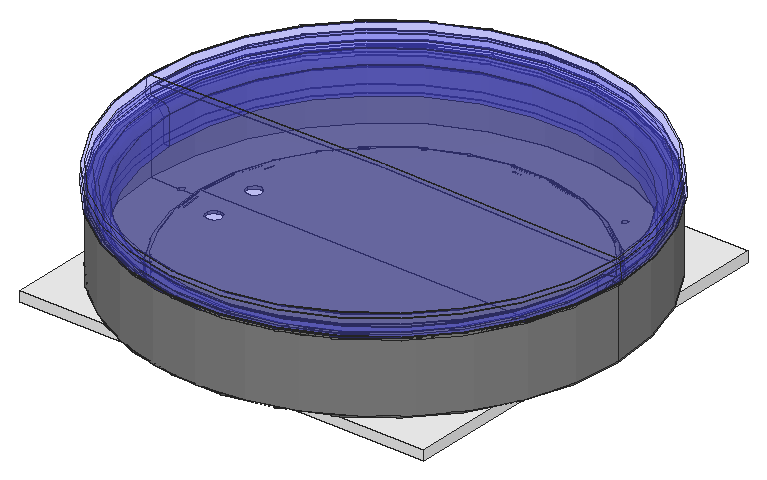
Revit family "BE_33640_de_DE", category Leuchten, Revit 2020
Family settings
  Basisbauteil = Fläche
  Bemaßung runder Anschluss = Durchmesser verwenden
  Teiletyp = Normal
  Beim Laden mit Abzugskörper schneiden = Ja
  Lichtquelle = Ja
  Gemeinsam genutzt = Nein
  Raumberechnungspunkt = Ja
Parameters (values of type "BEGA_33640_Grafit_K4")
  built-in parameter 1150104 = 11.112 (stored number, unit not read)
  Wattage = 52 W
  Default Elevation = 0 mm
  built-in parameter 1150113 = 1 (stored number, unit not read)
  built-in parameter 1114218 = 1 (stored number, unit not read)
  Umgebungstemperatur = "25 °C"
  URL = "https://www.bega.com/de/produkt/33640"
  Typenkommentare = "© 2022 BEGA. Wir behalten uns das Recht vor, technische Änderungen ohne vorherige Ankündigung vorzunehmen."  # constant formula
  Type Image = 33640.png
  built-in parameter 1150134 = 12
  built-in parameter 1150109 = 1 (stored number, unit not read)
  Strom = ""
  built-in parameter 1150110 = 1 (stored number, unit not read)
  Spannung = 239.996 V
  Sonderanfertigung = no
  Sockeltyp = ""
  Seriennummer [instance] = "Hier können Sie die eindeutige Seriennummer für das Facility Management eintragen."
  Schutzklasse = "I"
  Schutzart = "IP 64"
  Scheinlast = 0 VA
  Produktdatenblatt = "https://cdn.bega.com/bega/products/33640AK4/current/documents/data-sheets/de"
  Oberflächentemperatur = ""
  Neigungswinkel = 0.00°
  Modell = "33640K4"
  Material_11 = BEGA_Glas_opal
  Material_02 = BEGA_Oberfläche_Silber_matt
  Material_01 [instance] = BEGA_Oberfläche_Grafit_matt
  M_W = no
  M_G = yes
  M_A = no
  Logo = 0
  built-in parameter 1114217 = 1 (stored number, unit not read)
  built-in parameter 1150139 = (empty or 0)
  built-in parameter 1150105 = 494.95 (stored number, unit not read)
  built-in parameter 1150114 = 1 (stored number, unit not read)
  Lumens = 6219.72 lm
  built-in parameter 1150115 = 1 (stored number, unit not read)
  Leuchtenlichtstrom = "3692 lm"
  Leuchtenanzahl = ""
  Lebensdauerkriterien = "L70B50 @ 25 °C = 200000 h"
  Lastklassifizierung = Beleuchtung
  built-in parameter 1150112 = 1 (stored number, unit not read)
  Lampenlichtstrom = "7480 lm"
  Lampe = "LED 42.6 W"
  LED_Modulbezeichnung = " LED-0630/840"
  built-in parameter 1150142 = (empty or 0)
  Hersteller = "BEGA"  # constant formula
  Halbstreuwinkel = ""
  Gewicht = "6.4 kg"
  Gebrauchslageneinschränkung [instance] = ""
  Frequenz = "0/50-60 Hz"
  Farbwiedergabeindex = "CRI > 80"
  Farbtemperaturverschiebung bei Dämpfen der Lampe = <Keine Auswahl>
  Farbtemperatur = "4000 K"
  Color Filter = 16777215
  built-in parameter 1150133 = 10 (stored number, unit not read)
  Energieeffizienzklasse = "LED A++ - A"
  built-in parameter 1150137 = (empty or 0)
  built-in parameter 1150132 = (empty or 0)
  ENEC = "ja"
  Dimmbar [instance] = "DALI"
  Datei für fotometrisches Netz = "BE_33640K4.IES"
  CE_Konformität = "ja"
  Bestellnummer = "33640K4"
  Beschreibung_Sonderanfertigung = "Hier können Sie Informationen zur Sonderanfertigung eintragen."
  Beschreibung = "Decken- und Wandleuchte"
  built-in parameter 1150106 = 4.9495 (stored number, unit not read)
  Befestigungsbohrung = "Ø 5,5 mm"
  Befestigungsabstand = ""
  BEGA_Intern_aus = yes
  BEGA_Intern_an = yes
  BEGA_Intern_Konstruktion = yes
  BEGA_Intern = yes
  BEGA_IES = yes
  BEGA_Dummy = no
  Anschlussleistung [instance] = "46.9 W"
  built-in parameter 1150107 = 4000 (stored number, unit not read)
  built-in parameter 1150102 = (empty or 0)
  built-in parameter 1150138 = (empty or 0)
  Aktualisierung = "2022-05-18T04:00:07"
  AC/DC = "AC/DC"
Types (4, lengths in mm): name | built-in parameter 1150104 | built-in parameter 1150134 | Modell | M_G | M_A | built-in parameter 1150105 | Lumens | Leuchtenlichtstrom | Lampenlichtstrom | LED_Modulbezeichnung | Farbtemperatur | Datei für fotometrisches Netz | Bestellnummer | built-in parameter 1150106 | built-in parameter 1150107
  BEGA_33640_Grafit_K4 | 11.112 (stored number, unit not read) | 12 | "33640K4" | yes | no | 494.95 (stored number, unit not read) | 6219.72 lm | "3692 lm" | "7480 lm" | " LED-0630/840" | "4000 K" | "BE_33640K4.IES" | "33640K4" | 4.9495 (stored number, unit not read) | 4000 (stored number, unit not read)
  BEGA_33640_Silber_K4 | 11.112 (stored number, unit not read) | 12 | "33640AK4" | no | yes | 494.95 (stored number, unit not read) | 6219.72 lm | "3692 lm" | "7480 lm" | " LED-0630/840" | "4000 K" | "BE_33640K4.IES" | "33640AK4" | 4.9495 (stored number, unit not read) | 4000 (stored number, unit not read)
  BEGA_33640_Silber_K3 | 10.487 (stored number, unit not read) | (empty or 0) | "33640AK3" | no | yes | 467.1 (stored number, unit not read) | 5869.76 lm | "3640 lm" | "7375 lm" | " LED-0630/830" | "3000 K" | "BE_33640K3.IES" | "33640AK3" | 4.671 (stored number, unit not read) | 3000 (stored number, unit not read)
  BEGA_33640_Grafit_K3 | 10.487 (stored number, unit not read) | (empty or 0) | "33640K3" | yes | no | 467.1 (stored number, unit not read) | 5869.76 lm | "3640 lm" | "7375 lm" | " LED-0630/830" | "3000 K" | "BE_33640K3.IES" | "33640K3" | 4.671 (stored number, unit not read) | 3000 (stored number, unit not read)
Reference planes
  plane 1 "Mitte (Vorne/Hinten)": y = 0
  plane 2: z = 0
  plane 3 "Mitte (Links/Rechts)": x = 0
  plane 4 "Links": x = -234.934
  plane 5 "Rechts": x = 234.934
  plane 6 "Unten": y = -234.912
  plane 7 "Oben": y = 234.912
  plane 8 "Vorne": z = 95.199
Forms (mm)
  Extrusion 1, solid, material "BEGA_Platte_Weiss"
    sketch origin (0, -1119.2, 0) x (1, 0, 0) y (0, 1, 0)
      loop
        line (-200, 1319.2) -> (-200, 919.2) -> (200, 919.2) -> (200, 1319.2) -> (-200, 1319.2)
    from 0 to -10
  Extrusion 2, solid, material "BEGA_Dummy_matt", visible <- "BEGA_Dummy"
    sketch origin (77.149, -76.023, 0) x (1, 0, 0) y (0, 1, 0)
      loop
        circle (-77.149, 76.023) r 234.945
    from 0 to 95.199
Dimensions and locks
  plane 1 "Mitte (Vorne/Hinten)" to Extrusion 1 = 200 mm
  aligned and locked: plane 2 to Extrusion 1
  aligned and locked: level to Extrusion 1
Nested families
  nested 1: "BE_33640" at (0, 0, 0), type "BE_33640"
Connectors
  electrical at (0, 0, 0), driven by "Lastklassifizierung", driven by "Spannung", driven by "Scheinlast"
    settings: index 1, voltage 239.996 V, apparent load 0 VA, apparent load phase1 0 VA, apparent load phase2 0 VA, apparent load phase3 0 VA, power factor 1, load classification "Beleuchtung", number of poles 1, system type 31, power factor state 1, is connector primary yes, connector utility no, sub classification motor no, connector description ""
Definition of nested family "BE_33640"
  Parameters (values of type "BE_33640")
    Default Elevation = 1 mm
    URL = "http://www.bega.de/de/produkt"
    Type Comments = "© 2015 BEGA. Wir behalten uns das Recht vor, technische Änderungen ohne vorherige Ankündigung vorzunehmen. "  # constant formula
    Type Image = (empty or 0)
    Material_17 = none
    Material_15 = none
    Material_11 = none
    Material_09 = none
    Material_06 = none
    Material_02 = none
    Material_01 = none
    M_W = yes
    M_G = yes
    M_A = yes
    Länge_Platte = 200 mm  # constant formula
    Höhe_Platte = -10 mm  # constant formula
    Manufacturer = "BEGA"  # constant formula
    Breite_Platte = 200 mm  # constant formula
  Reference planes
    plane 1 "Mitte (Oben/Unten)": y = 0
    plane 2: z = 0
    plane 3 "Mitte (Links/Rechts)": x = 0
    plane 4 "Vorne": z = 95.199
    plane 5: x = 234.934
    plane 6: x = -234.934
    plane 7: y = 234.912
    plane 8: y = -234.912
  Forms (mm)
    Extrusion 1, solid, detail levels medium
      sketch origin (0, 0, 0) x (1, 0, 0) y (0, 1, 0)
        loop
          line (-100, 100) -> (-100, -100) -> (100, -100) -> (100, 100) -> (-100, 100)
      from 0 to -10 <- "Höhe_Platte"
    Revolve 2, solid, material <- "Material_01", visible <- "M_G", detail levels medium+fine
      sketch origin (0, 0, 0) x (1, 0, 0) y (0, 0, 1)
        loop
          line (-230.799, -0.001) -> (-186.009, -0.001)
          arc (-186.009, -0.001) -> (-184.831, 0.383) -> (-184.104, 1.388) r 2.001
          line (-184.104, 1.388) -> (-182.789, 5.317)
          arc (-182.789, 5.317) -> (-182.425, 5.811) -> (-181.842, 6) r 1
          line (-181.842, 6) -> (0, 6) -> (0, 8) -> (-181.128, 8)
          arc (-181.128, 8) -> (-183.457, 7.247) -> (-184.911, 5.278) r 4
          line (-184.911, 5.278) -> (-185.793, 2.642)
          arc (-185.793, 2.642) -> (-186.16, 2.176) -> (-186.726, 2) r 1
          line (-186.726, 2) -> (-230.8, 2) -> (-230.8, 69.012) -> (-226.195, 64.407) -> (-225.347, 65.256) -> (-229.698, 69.607)
          arc (-229.698, 69.607) -> (-230.135, 69.898) -> (-230.65, 70) r 1.35
          arc (-230.65, 70) -> (-231.616, 69.593) -> (-232, 68.618) r 1.35
          line (-232, 68.618) -> (-232, 1.203)
          arc (-232, 1.203) -> (-231.649, 0.352) -> (-230.799, -0.001) r 1.201
        axis (0, -0.001) -> (0, 70)
      angle from 0 to 360
    Revolve 3, solid, material <- "Material_11", detail levels medium+fine
      sketch origin (0, 0, 0) x (1, 0, 0) y (0, 0, 1)
        loop
          arc (-234.934, 72.895) -> (-234.431, 71.5) -> (-233.107, 70.834) r 2
          line (-233.107, 70.834) -> (-225.76, 70.192)
          arc (-225.76, 70.192) -> (-224.564, 69.798) -> (-223.669, 68.912) r 2.75
          line (-223.669, 68.912) -> (-217.5, 59.063) -> (-217.5, 43.371) -> (-217.5, 36) -> (-211.5, 36) -> (-211.5, 63.916)
          arc (-211.5, 63.916) -> (-214.093, 70.583) -> (-220.509, 73.748) r 9.869
          line (-220.509, 73.748) -> (-230.87, 74.654) -> (-230.635, 81.391)
          arc (-230.635, 81.391) -> (-228.874, 85.441) -> (-224.819, 87.19) r 6
          arc (-224.819, 87.19) -> (-112.416, 89.882) -> (0.011, 91.192) r 9144.857
          line (0.011, 91.192) -> (0.011, 95.19)
          arc (0.011, 95.19) -> (-115.73, 94.363) -> (-231.452, 92.072) r 9148.856
          arc (-231.452, 92.072) -> (-233.485, 91.203) -> (-234.369, 89.177) r 2.997
          line (-234.369, 89.177) -> (-234.934, 72.895)
        axis (0.011, 95.19) -> (0.011, 36)
      angle from 0 to 360
    Extrusion 4, void
      sketch origin (0, 0, 0) x (1, 0, 0) y (0, 1, 0)
        loop
          circle (-200, 0) r 2.75
        loop
          circle (100, 173.205) r 2.75
        loop
          circle (100, -173.205) r 2.75
        loop
          circle (-148, 25) r 7.5
        loop
          circle (-148, -25) r 7.5
      from 0 to 18.834
    Revolve 5, solid, material <- "Material_02", visible <- "M_A", detail levels medium+fine
      sketch origin (0, 0, 0) x (1, 0, 0) y (0, 0, 1)
        loop
          line (-230.799, -0.001) -> (-186.009, -0.001)
          arc (-186.009, -0.001) -> (-184.831, 0.383) -> (-184.104, 1.388) r 2.001
          line (-184.104, 1.388) -> (-182.789, 5.317)
          arc (-182.789, 5.317) -> (-182.425, 5.811) -> (-181.842, 6) r 1
          line (-181.842, 6) -> (0, 6) -> (0, 8) -> (-181.128, 8)
          arc (-181.128, 8) -> (-183.457, 7.247) -> (-184.911, 5.278) r 4
          line (-184.911, 5.278) -> (-185.793, 2.642)
          arc (-185.793, 2.642) -> (-186.16, 2.176) -> (-186.726, 2) r 1
          line (-186.726, 2) -> (-230.8, 2) -> (-230.8, 69.012) -> (-226.195, 64.407) -> (-225.347, 65.256) -> (-229.698, 69.607)
          arc (-229.698, 69.607) -> (-230.135, 69.898) -> (-230.65, 70) r 1.35
          arc (-230.65, 70) -> (-231.616, 69.593) -> (-232, 68.618) r 1.35
          line (-232, 68.618) -> (-232, 1.203)
          arc (-232, 1.203) -> (-231.649, 0.352) -> (-230.799, -0.001) r 1.201
        axis (0, -0.001) -> (0, 70)
      angle from 0 to 360
    Extrusion 6, void
      sketch origin (0, 0, 0) x (1, 0, 0) y (0, 1, 0)
        loop
          circle (-200, 0) r 2.75
        loop
          circle (100, 173.205) r 2.75
        loop
          circle (100, -173.205) r 2.75
        loop
          circle (-148, 25) r 7.5
        loop
          circle (-148, -25) r 7.5
      from 0 to 18.834
  Cuts and joins
    Extrusion 4, Extrusion 6 cuts Revolve 2
    Extrusion 4 cuts Revolve 3
    Extrusion 6 cuts Revolve 5
  Dimensions and locks
    equal spacing: Extrusion 1 sketch curve, plane 3 "Mitte (Links/Rechts)", Extrusion 1 sketch curve
    equal spacing: Extrusion 1 sketch curve, plane 1 "Mitte (Oben/Unten)", Extrusion 1 sketch curve
    "Länge_Platte": Extrusion 1 sketch curve to Extrusion 1 sketch curve
    "Breite_Platte": Extrusion 1 sketch curve to Extrusion 1 sketch curve
    aligned and locked: plane 2 to Extrusion 1
    aligned and locked: level to Extrusion 1
  Automatic sketch dimensions
    Revolve 2 sketch curve to Revolve 2 sketch curve = 0 mm  (x7)
    Revolve 2 sketch curve to plane 3 "Mitte (Links/Rechts)" = 0 mm  (x2)
    level to Revolve 2 sketch curve = 4 mm
    Revolve 2 sketch curve to Revolve 2 sketch curve = 0.008 mm
    Revolve 2 sketch curve to Revolve 2 sketch curve = 0.72 mm
    Revolve 2 sketch curve to Revolve 2 sketch curve = 0.002 mm
    level to Revolve 2 sketch curve = 1.388 mm
    Revolve 2 sketch curve to Revolve 2 sketch curve = 2.984 mm
    level to Revolve 2 sketch curve = 5.278 mm
    Revolve 2 sketch curve to Revolve 2 sketch curve = 3.07 mm
    level to Revolve 2 sketch curve = 2.642 mm
    Revolve 2 sketch curve to Revolve 2 sketch curve = 1.688 mm
    Revolve 2 sketch curve to level = 0.001 mm
    Revolve 2 sketch curve to Revolve 2 sketch curve = 1.905 mm
    Revolve 2 sketch curve to Revolve 2 sketch curve = 0.717 mm
    Revolve 2 sketch curve to Revolve 2 sketch curve = 0.849 mm  (x2)
    Revolve 2 sketch curve to Revolve 2 sketch curve = 4.351 mm
    Revolve 2 sketch curve to Revolve 2 sketch curve = 0.952 mm
    Revolve 2 sketch curve to Revolve 2 sketch curve = 0.15 mm  (x2)
    Revolve 2 sketch curve to Revolve 2 sketch curve = 1.201 mm
    level to Revolve 2 sketch curve = 1.2 mm
    Revolve 2 sketch curve to Revolve 2 sketch curve = 1 mm
    Revolve 2 sketch curve to Revolve 2 sketch curve = 2 mm
    Revolve 2 sketch curve to Revolve 2 sketch curve = 62.407 mm
    Revolve 2 sketch curve to Revolve 2 sketch curve = 4.21 mm
    Revolve 2 sketch curve to Revolve 2 sketch curve = 0.032 mm
    Revolve 2 sketch curve to Revolve 2 sketch curve = 0.362 mm
    Revolve 2 sketch curve to Revolve 2 sketch curve = 0.595 mm
    Revolve 2 sketch curve to Revolve 2 sketch curve = 0.948 mm
    level to Revolve 2 sketch curve = 5.317 mm
    Revolve 2 sketch curve to Revolve 2 sketch curve = 13 mm
    Revolve 3 sketch curve to Revolve 3 sketch curve = 0.564 mm
    Revolve 3 sketch curve to Revolve 3 sketch curve = 1.827 mm  (x2)
    Revolve 3 sketch curve to Revolve 3 sketch curve = 0.172 mm
    Revolve 3 sketch curve to Revolve 3 sketch curve = 2.995 mm
    Revolve 3 sketch curve to Revolve 3 sketch curve = 2.065 mm
    Revolve 3 sketch curve to Revolve 3 sketch curve = 0.235 mm
    Revolve 3 sketch curve to Revolve 3 sketch curve = 7.107 mm
    Revolve 3 sketch curve to Revolve 3 sketch curve = 5.997 mm
    Revolve 3 sketch curve to Revolve 3 sketch curve = 2.331 mm
    Revolve 3 sketch curve to Revolve 3 sketch curve = 2.3 mm
    Revolve 3 sketch curve to Revolve 3 sketch curve = 6 mm
    plane 3 "Mitte (Links/Rechts)" to Revolve 3 sketch curve = 0.011 mm
    plane 3 "Mitte (Links/Rechts)" to Revolve 3 sketch curve = 7.481 mm
    Revolve 3 sketch curve to Revolve 3 sketch curve = 42.864 mm
    Revolve 3 sketch curve to Revolve 3 sketch curve = 0.137 mm
    level to Revolve 3 sketch curve = 36 mm
    Revolve 3 sketch curve to Revolve 3 sketch curve = 7.371 mm
    Revolve 3 sketch curve to Revolve 3 sketch curve = 15.691 mm
    Revolve 3 sketch curve to Revolve 3 sketch curve = 4.853 mm  (x2)
    Revolve 3 sketch curve to Revolve 3 sketch curve = 3.537 mm
    Revolve 3 sketch curve to Revolve 3 sketch curve = 1.46 mm
    Revolve 3 sketch curve to Revolve 3 sketch curve = 3.382 mm
    Revolve 3 sketch curve to Revolve 3 sketch curve = 1.993 mm
    Revolve 3 sketch curve to Revolve 3 sketch curve = 6.538 mm
    Revolve 3 sketch curve to Revolve 3 sketch curve = 0.199 mm
    Revolve 3 sketch curve to Revolve 3 sketch curve = 7.685 mm
    Revolve 3 sketch curve to Revolve 3 sketch curve = 0.101 mm
    level to Revolve 3 sketch curve = 91.192 mm
    Revolve 3 sketch curve to Revolve 3 sketch curve = 3.998 mm
    Revolve 3 sketch curve to Revolve 3 sketch curve = 2.091 mm
    Revolve 3 sketch curve to Revolve 3 sketch curve = 0 mm  (x8)
    Revolve 3 sketch curve to Revolve 3 sketch curve = 0.181 mm
    Revolve 3 sketch curve to Revolve 3 sketch curve = 0.001 mm
    Revolve 3 sketch curve to Revolve 3 sketch curve = 3.16 mm
    Revolve 3 sketch curve to Revolve 3 sketch curve = 8.515 mm
    Extrusion 4 sketch curve to plane 1 "Mitte (Oben/Unten)" = 25 mm
    plane 1 "Mitte (Oben/Unten)" to Extrusion 4 sketch curve = 25 mm
    Extrusion 4 sketch curve to Extrusion 4 sketch curve = 0 mm
    Extrusion 4 sketch curve to plane 1 "Mitte (Oben/Unten)" = 0 mm
    Revolve 5 sketch curve to Revolve 5 sketch curve = 0 mm  (x7)
    Revolve 5 sketch curve to plane 3 "Mitte (Links/Rechts)" = 0 mm  (x2)
    level to Revolve 5 sketch curve = 4 mm
    Revolve 5 sketch curve to Revolve 5 sketch curve = 0.008 mm
    Revolve 5 sketch curve to Revolve 5 sketch curve = 0.72 mm
    Revolve 5 sketch curve to Revolve 5 sketch curve = 0.002 mm
    level to Revolve 5 sketch curve = 1.388 mm
    Revolve 5 sketch curve to Revolve 5 sketch curve = 2.984 mm
    level to Revolve 5 sketch curve = 5.278 mm
    Revolve 5 sketch curve to Revolve 5 sketch curve = 3.07 mm
    level to Revolve 5 sketch curve = 2.642 mm
    Revolve 5 sketch curve to Revolve 5 sketch curve = 1.688 mm
    Revolve 5 sketch curve to level = 0.001 mm
    Revolve 5 sketch curve to Revolve 5 sketch curve = 1.905 mm
    Revolve 5 sketch curve to Revolve 5 sketch curve = 0.717 mm
    Revolve 5 sketch curve to Revolve 5 sketch curve = 0.849 mm  (x2)
    Revolve 5 sketch curve to Revolve 5 sketch curve = 4.351 mm
    Revolve 5 sketch curve to Revolve 5 sketch curve = 0.952 mm
    Revolve 5 sketch curve to Revolve 5 sketch curve = 0.15 mm  (x2)
    Revolve 5 sketch curve to Revolve 5 sketch curve = 1.201 mm
    level to Revolve 5 sketch curve = 1.2 mm
    Revolve 5 sketch curve to Revolve 5 sketch curve = 1 mm
    Revolve 5 sketch curve to Revolve 5 sketch curve = 2 mm
    Revolve 5 sketch curve to Revolve 5 sketch curve = 62.407 mm
    Revolve 5 sketch curve to Revolve 5 sketch curve = 4.21 mm
    Revolve 5 sketch curve to Revolve 5 sketch curve = 0.032 mm
    Revolve 5 sketch curve to Revolve 5 sketch curve = 0.362 mm
    Revolve 5 sketch curve to Revolve 5 sketch curve = 0.595 mm
    Revolve 5 sketch curve to Revolve 5 sketch curve = 0.948 mm
    level to Revolve 5 sketch curve = 5.317 mm
    Revolve 5 sketch curve to Revolve 5 sketch curve = 13 mm
    Extrusion 6 sketch curve to plane 1 "Mitte (Oben/Unten)" = 25 mm
    plane 1 "Mitte (Oben/Unten)" to Extrusion 6 sketch curve = 25 mm
    Extrusion 6 sketch curve to Extrusion 6 sketch curve = 0 mm
    Extrusion 6 sketch curve to plane 1 "Mitte (Oben/Unten)" = 0 mm
    Revolve 3 sketch curve to level = 9053.527 mm
    plane 3 "Mitte (Links/Rechts)" to Extrusion 4 sketch curve = 100 mm  (x2)
    plane 3 "Mitte (Links/Rechts)" to Extrusion 6 sketch curve = 100 mm  (x2)
    Revolve 2 sketch curve to plane 3 "Mitte (Links/Rechts)" = 181.12 mm
    Revolve 2 sketch curve to Revolve 2 sketch curve = 40.436 mm
    Revolve 2 sketch curve to Revolve 2 sketch curve = 0.001 mm
    Revolve 3 sketch curve to plane 3 "Mitte (Links/Rechts)" = 211.5 mm
    Revolve 3 sketch curve to Revolve 3 sketch curve = 3.869 mm
    Extrusion 4 sketch curve to plane 3 "Mitte (Links/Rechts)" = 148 mm
    Extrusion 4 sketch curve to Extrusion 4 sketch curve = 52 mm
    Revolve 5 sketch curve to plane 3 "Mitte (Links/Rechts)" = 181.12 mm
    Revolve 5 sketch curve to Revolve 5 sketch curve = 40.436 mm
    Revolve 5 sketch curve to Revolve 5 sketch curve = 0.001 mm
    Extrusion 6 sketch curve to plane 3 "Mitte (Links/Rechts)" = 148 mm
    Extrusion 6 sketch curve to Extrusion 6 sketch curve = 52 mm
    plane 1 "Mitte (Oben/Unten)" to Extrusion 4 sketch curve = 173.205 mm
    plane 1 "Mitte (Oben/Unten)" to Extrusion 6 sketch curve = 173.205 mm
    Extrusion 4 sketch curve to plane 1 "Mitte (Oben/Unten)" = 173.205 mm
    Extrusion 6 sketch curve to plane 1 "Mitte (Oben/Unten)" = 173.205 mm
    radius of Extrusion 4 sketch curve = 2.75 mm  (x3)
    radius of Extrusion 4 sketch curve = 7.5 mm  (x2)
    radius of Extrusion 6 sketch curve = 2.75 mm  (x3)
    radius of Extrusion 6 sketch curve = 7.5 mm  (x2)
